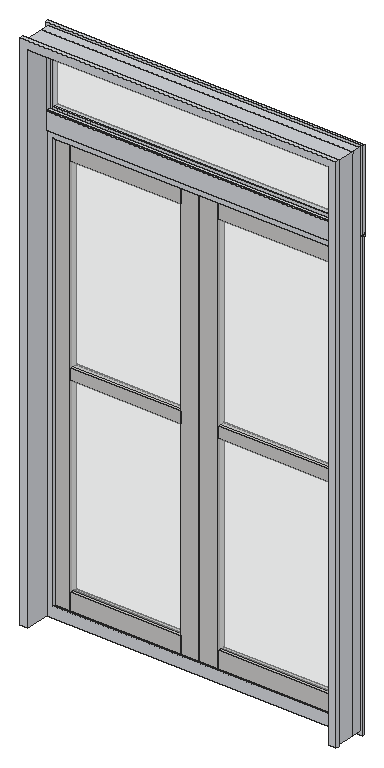
Revit family "APL Residential Thermal Heart French Door with Overlight Open Out", category Doors, host Wall, Revit 2017
Family settings
  Host = Wall
  OmniClass Number = 23.30.10.00
  OmniClass Title = Doors
  Always vertical = Yes
  Cut with Voids When Loaded = No
  Shared = No
  Room Calculation Point = No
Parameters (values of type "Architrave")
  Rough Width = 1615 mm
  Rough Height = 2713 mm
  Reveal Liner = no
  Plan Swing = yes
  Panel = (Rough Width / 2) - 47.5 mm  # 760 mm
  Overlight detail [instance] = 400 mm
  Overlight Length [instance] = 407.5 mm
  Liner Sill = no
  Liner Head = yes
  Liner End = 10 mm
  Liner = 51 mm
  Jamb Liner 2 = yes
  Jamb Liner 1 = yes
  Groove = 10 mm
  Function = Interior
  Frame Width Sill = 15 mm
  Frame Projection Ext. = 13 mm
  Frame Projection Int. = 20 mm
  Frame Width = 12.5 mm
  Height = Rough Height - 12.5 mm  # 2700.5 mm
  Wall Closure = By host
  Width = Rough Width - 15 mm  # 1600 mm
  Architrave = yes
  Analytic Construction = "<None>"
  90° Opening [instance] = no
  15° Opening [instance] = yes
Reference planes
  plane 1: y = 0
  plane 2 "Center (Left/Right)": x = 0
  plane 3 "Left": x = -807.5
  plane 4 "Right": x = 807.5
  plane 5: z = 2713
  plane 6 "Exterior": y = 75
  plane 7 "Interior": y = -75
  plane 8: z = 2305.5
  plane 9: z = 1152.75
Forms (mm)
  Extrusion 1, solid, visible <- "Architrave"
    sketch origin (-3050, -75, 0) x (1, 0, 0) y (0, 0, 1)
      loop
        line (2230, 0) -> (2242.5, 0) -> (2242.5, 2713) -> (3857.5, 2713) -> (3857.5, 0) -> (3870, 0) -> (3870, 2725.5) -> (2230, 2725.5) -> (2230, 0)
    from 0 to 20
  Extrusion 2, solid
    sketch origin (-6.857, 0, 0) x (1, 0, 0) y (0, 1, 0)
      loop
        line (-753.099, 63.12) -> (-664.309, 63.12) -> (-664.309, 79.268) -> (-678.502, 93.461) -> (-753.099, 93.461) -> (-753.099, 63.12)
    from 44.629 to 2243.757
  Extrusion 3, solid
    sketch origin (0, 0, 0) x (1, 0, 0) y (0, 1, 0)
      loop
        line (96, 77.961) -> (96, 53.752) -> (670.95, 53.752) -> (670.95, 77.961) -> (96, 77.961)
    from 1184.25 to 2146.733
  Extrusion 4, solid
    sketch origin (0, 0, -421.7) x (0, 1, 0) y (0, 0, 1)
      loop
        line (93.461, 2665.457) -> (63.461, 2665.457) -> (63.461, 2568.433) -> (78.451, 2568.433) -> (93.461, 2583.442) -> (93.461, 2665.457)
    from 81.663 to 685.063
  Extrusion 5, solid, visible <- "Architrave"
    sketch origin (0, -32.901, 0) x (1, 0, 0) y (0, 0, 1)
      loop
        line (807.5, 2713) -> (-807.5, 2713) -> (-807.5, 0) -> (-779.424, 0) -> (-779.424, 2685.2) -> (779.424, 2685.2) -> (779.424, 0) -> (807.5, 0) -> (807.5, 2713)
    from -62.788 to 62.099
  Sweep 6, solid, visible <- "Reveal Liner"
    path origin (0, -75, 0) x (1, 0, 0) y (0, 0, 1)
      loop
        line (-807.5, 0) -> (-807.5, 2713) -> (807.5, 2713) -> (807.5, 0)
    profile origin (-807.5, -75, 1356.5) x (-1, 0, 0) y (0, -1, 0)
      loop
        line (-9.076, 20) -> (-28.076, 20) -> (-28.076, -104.887) -> (0, -104.887) -> (0, 0.131) -> (-14.642, 0.131) -> (-14.642, 10) -> (-9.076, 10) -> (-9.076, 20)
  Extrusion 7, solid
    sketch origin (0, 75, 0) x (1, 0, 0) y (0, 0, 1)
      loop
        line (807.5, 2713) -> (-807.5, 2713) -> (-807.5, 0) -> (807.5, 0) -> (807.5, 2713)
      loop
        line (796.8, 2705.5) -> (-796.8, 2705.5) -> (-796.8, 7.8) -> (796.8, 7.8) -> (796.8, 2705.5)
    from 0 to 45.113
  Sweep 8, solid
    path origin (0, 75, 0) x (1, 0, 0) y (0, 0, 1)
      loop
        line (807.5, 2291.3) -> (-807.5, 2291.3) -> (-807.5, -2.914) -> (807.5, -2.914) -> (807.5, 2291.3)
    profile origin (-807.5, 75, 1144.193) x (0, -1, 0) y (1, 0, 0)
      loop
        line (0, -12.5) -> (0, 10.7) -> (45.113, 10.7) -> (45.113, 60.5) -> (33.539, 60.5) -> (33.539, 47.543) -> (-18.461, 47.543) -> (-18.461, 41.5) -> (-20.5, 41.5) -> (-20.5, 5.968) -> (-12.064, -1.111) -> (-12.064, -12.5) -> (0, -12.5)
  Extrusion 9, solid
    sketch origin (6.857, 0, 0) x (-1, 0, 0) y (0, -1, 0)
      loop
        line (-753.099, -63.461) -> (-753.099, -93.461) -> (-678.205, -93.461) -> (-664.007, -79.263) -> (-664.007, -63.461) -> (-753.099, -63.461)
    from 44.629 to 2243.757
  Extrusion 10, solid
    sketch origin (0, 0, 0) x (1, 0, 0) y (0, 1, 0)
      loop
        line (670.95, 63.461) -> (670.95, 41.461) -> (759.957, 41.461) -> (759.957, 63.461) -> (670.95, 63.461)
    from 44.629 to 2230.8
  Extrusion 11, solid
    sketch origin (0, 0, 0) x (-1, 0, 0) y (0, -1, 0)
      loop
        line (671.167, -63.12) -> (759.957, -63.12) -> (759.957, -41.461) -> (671.167, -41.461) -> (671.167, -63.12)
    from 44.629 to 2230.8
  Extrusion 12, solid
    sketch origin (0, 0, -434.657) x (0, 1, 0) y (0, 0, 1)
      loop
        line (63.461, 2665.457) -> (41.461, 2665.457) -> (41.461, 2581.389) -> (63.461, 2581.389) -> (63.461, 2665.457)
    from 96 to 670.95
  Extrusion 13, solid
    sketch origin (0, 0, -0.55) x (0, 1, 0) y (0, 0, 1)
      loop
        line (63.12, 142.203) -> (41.461, 142.203) -> (41.461, 45.179) -> (63.12, 45.179) -> (63.12, 142.203)
    from -671.167 to -96
  Extrusion 14, solid
    sketch origin (0, 0, 2312.086) x (0, 1, 0) y (0, 0, 1)
      loop
        line (93.461, -2267.457) -> (93.461, -2185.442) -> (78.451, -2170.433) -> (63.461, -2170.433) -> (63.461, -2267.457) -> (93.461, -2267.457)
    from 81.663 to 685.063
  Extrusion 15, solid
    sketch origin (759.407, 0, 0) x (1, 0, 0) y (0, 1, 0)
      loop
        line (-759.407, 63.461) -> (-663.407, 63.461) -> (-663.407, 79.123) -> (-677.745, 93.461) -> (-759.407, 93.461) -> (-759.407, 63.461)
    from 44.629 to 2243.757
  Extrusion 16, solid
    sketch origin (766.265, 0, 0) x (-1, 0, 0) y (0, -1, 0)
      loop
        line (670.265, -63.461) -> (766.265, -63.461) -> (766.265, -41.461) -> (670.265, -41.461) -> (670.265, -63.461)
    from 44.629 to 2230.8
  Extrusion 17, solid
    sketch origin (-759.407, 0, 0) x (-1, 0, 0) y (0, -1, 0)
      loop
        line (-759.407, -63.461) -> (-759.407, -93.461) -> (-677.745, -93.461) -> (-663.407, -79.123) -> (-663.407, -63.461) -> (-759.407, -63.461)
    from 44.629 to 2243.757
  Extrusion 18, solid
    sketch origin (-766.265, 0, 0) x (1, 0, 0) y (0, 1, 0)
      loop
        line (670.265, 63.461) -> (670.265, 41.461) -> (766.265, 41.461) -> (766.265, 63.461) -> (670.265, 63.461)
    from 44.629 to 2230.8
  Extrusion 19, solid
    sketch origin (0, 0, -421.7) x (0, 1, 0) y (0, 0, -1)
      loop
        line (93.461, -2665.457) -> (93.461, -2583.442) -> (78.451, -2568.433) -> (63.461, -2568.433) -> (63.461, -2665.457) -> (93.461, -2665.457)
    from 81.663 to 685.359
  Extrusion 20, solid
    sketch origin (0, 0, -434.657) x (0, 1, 0) y (0, 0, -1)
      loop
        line (63.461, -2665.457) -> (63.461, -2581.389) -> (41.461, -2581.389) -> (41.461, -2665.457) -> (63.461, -2665.457)
    from 96 to 671.167
  Extrusion 21, solid
    sketch origin (0, 0, 2312.086) x (0, 1, 0) y (0, 0, -1)
      loop
        line (93.461, 2267.457) -> (63.461, 2267.457) -> (63.461, 2170.433) -> (78.451, 2170.433) -> (93.461, 2185.442) -> (93.461, 2267.457)
    from 81.663 to 685.359
  Extrusion 22, solid
    sketch origin (0, 0, -0.55) x (0, 1, 0) y (0, 0, -1)
      loop
        line (63.12, -142.203) -> (63.12, -45.179) -> (41.461, -45.179) -> (41.461, -142.203) -> (63.12, -142.203)
    from -670.95 to -96
  Extrusion 23, solid
    sketch origin (0, 0, 0) x (-1, 0, 0) y (0, -1, 0)
      loop
        line (96, -77.961) -> (671.167, -77.961) -> (671.167, -53.752) -> (96, -53.752) -> (96, -77.961)
    from 1184.25 to 2146.733
  Sweep 24, solid
    path origin (0, 75, 2120) x (1, 0, 0) y (0, 0, 1)
      loop
        line (807.5, 593) -> (-808.611, 593) -> (-808.611, 199.6) -> (807.5, 199.6) -> (807.5, 593)
    profile origin (-0.555, 75, 2713) x (0, 0, -1) y (0, -1, 0)
      loop
        line (-12.4, 0) -> (-12.4, -12.509) -> (2.5, -12.509) -> (8.5, -18.509) -> (28.039, -18.509) -> (42.969, -3.58) -> (42.969, 27.491) -> (30.324, 27.491) -> (30.324, 45) -> (7.5, 45) -> (7.5, 0) -> (-12.4, 0)
  Extrusion 25, solid
    sketch origin (-807.5, 75, 2713) x (0, -1, 0) y (0, 0, -1)
      loop
        line (45.113, 363.076) -> (53.63, 363.076) -> (53.63, 451.002) -> (44.539, 451.002) -> (44.539, 432.4) -> (0, 432.4) -> (0, 385.9) -> (45.113, 385.9) -> (45.113, 363.076)
    from 28.076 to 1586.924
  Extrusion 26, solid
    sketch origin (-807.5, 75, 2713) x (0, -1, 0) y (0, 0, -1)
      loop
        line (-14.37, 415.7) -> (-14.37, 399.3)
        arc (-14.37, 399.3) -> (-13.57, 398.5) -> (-12.77, 399.3) r 0.8
        line (-12.77, 399.3) -> (-12.77, 405.801) -> (-0.021, 405.801) -> (-0.021, 409.2) -> (-12.77, 409.2) -> (-12.77, 415.7)
        arc (-12.77, 415.7) -> (-13.57, 416.5) -> (-14.37, 415.7) r 0.8
    from -12.5 to 1627.5
  Extrusion 27, solid
    sketch origin (2780, 0, 0) x (1, 0, 0) y (0, 1, 0)
      loop
        line (-3545.642, 77.961) -> (-3545.642, 53.752) -> (-2015.469, 53.752) -> (-2015.469, 77.961) -> (-3545.642, 77.961)
    from 2670.031 to 2362.569
  Extrusion 28, solid
    sketch origin (-807.5, 75, 2715.751) x (0, -1, 0) y (0, 0, -1)
      loop
        line (-4.163, 1531.501) -> (33.079, 1531.501) -> (33.079, 1589.501) -> (-4.163, 1589.501) -> (-4.163, 1531.501)
    from 903.5 to 1478.45
  Extrusion 29, solid
    sketch origin (-807.5, 75, 2715.751) x (0, -1, 0) y (0, 0, -1)
      loop
        line (-18.321, 1545.659) -> (-4.163, 1531.501) -> (-4.163, 1588.999) -> (-18.321, 1574.841) -> (-18.321, 1545.659)
    from 889.163 to 1492.563
  Extrusion 30, solid
    sketch origin (-807.5, 75, 2715.751) x (0, -1, 0) y (0, 0, -1)
      loop
        line (-4.163, 1531.501) -> (33.079, 1531.501) -> (33.079, 1589.501) -> (-4.163, 1589.501) -> (-4.163, 1531.501)
    from 136.333 to 711.5
  Extrusion 31, solid
    sketch origin (-807.5, 75, 2715.751) x (0, -1, 0) y (0, 0, -1)
      loop
        line (-18.321, 1545.659) -> (-4.163, 1531.501) -> (-4.163, 1588.999) -> (-18.321, 1574.841) -> (-18.321, 1545.659)
    from 122.141 to 725.837
  Extrusion 32, solid
    sketch origin (0, 0, 2305.5) x (0, -1, 0) y (1, 0, 0)
      loop
        line (-77.961, 96) -> (-53.752, 96) -> (-53.752, 670.95) -> (-77.961, 670.95) -> (-77.961, 96)
    from -2163.847 to -1179.25
  Extrusion 33, solid
    sketch origin (0, 0, 2305.5) x (0, 1, 0) y (-1, 0, 0)
      loop
        line (77.961, 96) -> (77.961, 671.167) -> (53.752, 671.167) -> (53.752, 96) -> (77.961, 96)
    from -2163.847 to -1179.25
Cuts and joins
  joined: Extrusion 1, Extrusion 5
  joined: Extrusion 7, Sweep 8
  joined: Extrusion 17, Extrusion 18
  joined: Extrusion 15, Extrusion 16
  joined: Extrusion 2, Extrusion 11
  joined: Extrusion 9, Extrusion 10
Lines and regions (mm)
  Opening 1
    outline origin (-3050, -75, 0) x (1, 0, 0) y (0, 0, 1)
      loop
        line (2242.5, 0) -> (3857.5, 0) -> (3857.5, 2713) -> (2242.5, 2713) -> (2242.5, 0)
  symbolic lines, style "Elevation Swing"
    curve 1: line (752.941, -75, 1152.75) -> (0, -75, 2305.5)
    curve 2: line (752.941, -75, 1152.75) -> (0, -75, 44.629)
    curve 7: line (-752.941, -75, 1150.25) -> (0, -75, 2305.5)
    curve 8: line (-752.941, -75, 1150.25) -> (0, -75, 44.629)
  symbolic lines, style "Plan Swing", visible <- "90° Opening"
    curve 3: line (759.957, 104.936, 0) -> (759.957, 864.979, 0)
    curve 4: line (-760, 93.461, 0) -> (-760, 853.461, 0)
    curve 5: arc (0, 93.461, 0) -> (-222.599, 630.862, 0) -> (-760, 853.461, 0) r 760
    curve 6: arc (0, 93.461, 0) -> (218.483, 638.295, 0) -> (759.957, 864.979, 0) r 760.043
  symbolic lines, style "Plan Swing", visible <- "15° Opening"
    curve 9: line (760, 93.461, 0) -> (25.895, 290.158, 0)
    curve 10: line (-760, 93.461, 0) -> (-25.895, 290.158, 0)
    curve 11: arc (0, 93.461, 0) -> (-6.502, 192.658, 0) -> (-25.895, 290.158, 0) r 760
    curve 12: arc (0, 93.461, 0) -> (6.502, 192.658, 0) -> (25.895, 290.158, 0) r 760
Text (mm)
  text "Exterior" at (-1790.881, 557.716, 0), in view "Ref. Level"
  text "Exterior" at (0, 1615.38, 3698.081), in view "Left"
  text "Exterior" at (0, 1036.032, 3874.932), in view "Right"
Dimensions and locks
  equal spacing: plane 3 "Left", plane 2 "Center (Left/Right)", plane 4 "Right"
  "Rough Width": plane 3 "Left" to plane 4 "Right"
  "Rough Height": plane 5 to host wall
  equal spacing: host wall, curve 2, plane 8
  host wall to plane 5 = 2713 mm
  "Frame Projection Int.": Extrusion 1 to Extrusion 1
  "Frame Width": plane 3 "Left" to Extrusion 1 sketch curve
  "Frame Width": plane 4 "Right" to Extrusion 1 sketch curve
  "Frame Width": Extrusion 1 sketch curve to plane 5
  locked: plane 6 "Exterior" to host wall at 0
  locked: plane 7 "Interior" to host wall
  locked: Extrusion 7 to plane 6 "Exterior" at 45.113
  Extrusion 4 to Extrusion 7 to Extrusion 7 = 558.767 mm, 7.5 mm
  Extrusion 4 to Extrusion 4 to Extrusion 4 to plane 8 = 15.009 mm locked, 82.014 mm locked, 61.743 mm locked
  locked: Extrusion 3 to plane 8 at 158.767
  Extrusion 14 to Extrusion 14 = 97.024 mm
  locked: cut or joined group of Extrusion 7, Sweep 8 to plane 6 "Exterior" at 45.113
  plane 3 "Left" to cut or joined group of Extrusion 7, Sweep 8 = 60.5 mm
  locked: plane 3 "Left" to Sweep 6 at 28.076
  Sweep 6 to plane 4 "Right" = 28.076 mm
  cut or joined group of Extrusion 7, Sweep 8 to plane 4 "Right" = 60.5 mm
  locked: plane 4 "Right" to Extrusion 4 at 122.437
  locked: plane 4 "Right" to Extrusion 14 at 122.437
  Extrusion 19 to Extrusion 19 = 97.024 mm
  plane 3 "Left" to Extrusion 21 = 122.141 mm
  locked: plane 8 to Extrusion 12 at 74.7
  locked: plane 8 to Extrusion 20 at 74.7
  locked: plane 3 "Left" to Extrusion 19 at 122.141
  locked: plane 3 "Left" to Extrusion 21 at 122.141
  locked: Extrusion 22 to plane 4 "Right" at 136.55
  locked: plane 3 "Left" to Extrusion 13 at 136.333
  locked: plane 8 to cut or joined group of Extrusion 2, Extrusion 11 at 74.7
  locked: plane 8 to cut or joined group of Extrusion 9, Extrusion 10 at 74.7
  locked: plane 3 "Left" to Extrusion 20 at 136.333
  Extrusion 29 to plane 9 to Extrusion 28 = 25.998 mm locked, 31.5 mm locked
  Extrusion 31 to plane 9 to Extrusion 30 = 25.998 mm locked, 31.5 mm locked
  Extrusion 30 to plane 9 to Extrusion 30 = 31.5 mm, 26.5 mm
  Extrusion 28 to plane 9 to Extrusion 28 = 31.5 mm, 26.5 mm
  "Overlight Length": plane 8 to plane 5
  locked: plane 8 to Extrusion 27 at 57.069
  locked: Extrusion 27 to plane 5 at 42.969
  locked: cut or joined group of Extrusion 9, Extrusion 10 to plane 8 at 61.743
  locked: cut or joined group of Extrusion 15, Extrusion 16 to plane 8 at 61.743
  locked: cut or joined group of Extrusion 17, Extrusion 18 to plane 8 at 61.743
  locked: Extrusion 23 to plane 8 at 158.767
  locked: cut or joined group of Extrusion 2, Extrusion 11 to plane 8 at 61.743
  equal spacing: level, plane 9, plane 8
  locked: plane 9 to Extrusion 23 at 31.5  (x2)
  locked: Extrusion 32 to plane 9 at 26.5
  locked: Extrusion 33 to plane 9 at 26.5
  locked: plane 8 to cut or joined group of Extrusion 17, Extrusion 18 at 74.7
  locked: plane 8 to cut or joined group of Extrusion 15, Extrusion 16 at 74.7
  locked: plane 9 to Extrusion 3 at 31.5
  locked: Extrusion 26 to plane 4 "Right" at 12.5
  locked: Extrusion 26 to plane 3 "Left" at 12.5
  locked: plane 3 "Left" to Extrusion 31 at 122.141
  locked: plane 4 "Right" to Extrusion 29 at 122.437
  locked: plane 4 "Right" to Extrusion 25 at 28.076
  locked: plane 3 "Left" to Extrusion 25 at 28.076
  locked: plane 3 "Left" to Extrusion 30 at 136.333
  locked: plane 4 "Right" to Extrusion 28 at 136.55
  locked: nested 2 to plane 5 at 7.5
  Extrusion 31 to plane 2 "Center (Left/Right)" to Extrusion 29 = 81.663 mm locked, 81.663 mm locked
  Extrusion 28 to plane 2 "Center (Left/Right)" to Extrusion 30 = 96 mm locked, 96 mm locked
  "Panel": radius of curve 11
  "Panel": radius of curve 12
  aligned and locked: plane 3 "Left" to Opening 1 sketch curve
  aligned and locked: plane 5 to Opening 1 sketch curve  (x2)
  aligned and locked: Opening 1 sketch curve to plane 4 "Right"
  aligned and locked: Opening 1 sketch curve to level
  aligned and locked: level to Extrusion 1 sketch curve
  aligned and locked: plane 5 to Extrusion 1 sketch curve  (x2)
  aligned and locked: Extrusion 1 sketch curve to plane 4 "Right"
  aligned and locked: plane 3 "Left" to Extrusion 1 sketch curve
  aligned and locked: plane 1 to host wall
  aligned and locked: Extrusion 1 to Extrusion 5
  aligned and locked: Extrusion 1 to level
  aligned and locked: plane 5 to Sweep 6 sketch curve
  aligned and locked: Sweep 6 sketch curve to plane 4 "Right"
  aligned and locked: Sweep 6 sketch curve to plane 3 "Left"
  aligned and locked: cut or joined group of Extrusion 1, Extrusion 5 to Sweep 6 sketch curve
  aligned and locked: Sweep 6 sketch curve to cut or joined group of Extrusion 1, Extrusion 5
  aligned and locked: Sweep 6 sketch curve to profile plane
  aligned and locked: Extrusion 7 to host wall
  aligned and locked: Sweep 6 sketch curve to Extrusion 7
  aligned and locked: Extrusion 5 to cut or joined group of Extrusion 7, Sweep 8
  aligned and locked: Extrusion 23 to Extrusion 13
  aligned and locked: Extrusion 22 to Extrusion 3
  aligned and locked: Extrusion 12 to Extrusion 3
  aligned and locked: Extrusion 3 to Extrusion 12
  aligned and locked: Extrusion 11 to Extrusion 2
Automatic sketch dimensions
  curve 1 to plane 2 "Center (Left/Right)" = 0 mm
  curve 1 to plane 8 = 0 mm
  curve 2 to plane 2 "Center (Left/Right)" = 0 mm
  plane 4 "Right" to curve 2 = 54.559 mm
  level to curve 2 = 44.629 mm
  Extrusion 2 sketch curve to host wall = 11.88 mm
  Extrusion 2 sketch curve to plane 3 "Left" = 47.543 mm
  host wall to Extrusion 2 sketch curve = 18.461 mm
  Extrusion 2 sketch curve to Extrusion 2 sketch curve = 74.597 mm
  host wall to Extrusion 2 sketch curve = 4.268 mm
  Extrusion 2 sketch curve to Extrusion 2 sketch curve = 14.193 mm
  Extrusion 3 sketch curve to host wall = 21.248 mm
  plane 2 "Center (Left/Right)" to Extrusion 3 sketch curve = 96 mm
  plane 4 "Right" to Extrusion 3 sketch curve = 136.55 mm
  host wall to Extrusion 3 sketch curve = 2.961 mm
  Extrusion 4 sketch curve to host wall = 11.539 mm
  host wall to Extrusion 4 sketch curve = 3.451 mm
  host wall to Extrusion 4 sketch curve = 18.461 mm
  Extrusion 4 sketch curve to plane 8 = 158.767 mm
  Extrusion 4 sketch curve to Extrusion 4 sketch curve = 15.009 mm
  Extrusion 4 sketch curve to plane 8 = 61.743 mm
  plane 3 "Left" to Extrusion 5 sketch curve = 0 mm
  Extrusion 5 sketch curve to level = 0 mm  (x2)
  plane 4 "Right" to Extrusion 5 sketch curve = 0 mm
  Extrusion 5 sketch curve to plane 5 = 0 mm
  Extrusion 5 sketch curve to plane 3 "Left" = 28.076 mm
  plane 4 "Right" to Extrusion 5 sketch curve = 28.076 mm
  plane 5 to Extrusion 5 sketch curve = 27.8 mm
  Sweep 6 sketch curve to level = 0 mm  (x2)
  profile plane to Sweep 6 sketch curve = 14.642 mm
  Sweep 6 sketch curve to Sweep 6 sketch curve = 5.565 mm
  plane 7 "Interior" to Sweep 6 sketch curve = 0.131 mm
  Sweep 6 sketch curve to Sweep 6 sketch curve = 10 mm
  plane 3 "Left" to Extrusion 7 sketch curve = 0 mm
  plane 4 "Right" to Extrusion 7 sketch curve = 0 mm
  Extrusion 7 sketch curve to level = 0 mm
  Extrusion 7 sketch curve to plane 5 = 0 mm
  Extrusion 7 sketch curve to plane 3 "Left" = 10.7 mm
  plane 4 "Right" to Extrusion 7 sketch curve = 10.7 mm
  level to Extrusion 7 sketch curve = 7.8 mm
  plane 5 to Extrusion 7 sketch curve = 7.5 mm
  plane 3 "Left" to Sweep 8 sketch curve = 0 mm
  plane 4 "Right" to Sweep 8 sketch curve = 0 mm
  Sweep 8 sketch curve to level = 2.914 mm
  Sweep 8 sketch curve to plane 8 = 14.2 mm
  plane 6 "Exterior" to Sweep 8 sketch curve = 0 mm
  profile plane to Sweep 8 sketch curve = 1.111 mm
  Sweep 8 sketch curve to plane 6 "Exterior" = 12.064 mm
  Sweep 8 sketch curve to plane 6 "Exterior" = 18.461 mm
  Sweep 8 sketch curve to Sweep 8 sketch curve = 2.039 mm
  plane 6 "Exterior" to Sweep 8 sketch curve = 33.539 mm
  Sweep 8 sketch curve to profile plane = 10.7 mm
  Sweep 8 sketch curve to Sweep 8 sketch curve = 11.574 mm
  profile plane to Sweep 8 sketch curve = 12.5 mm
  Sweep 8 sketch curve to profile plane = 5.968 mm
  Sweep 8 sketch curve to Sweep 8 sketch curve = 35.532 mm
  Sweep 8 sketch curve to Sweep 8 sketch curve = 6.043 mm
  Sweep 8 sketch curve to Sweep 8 sketch curve = 12.957 mm
  host wall to Extrusion 9 sketch curve = 11.539 mm
  Extrusion 9 sketch curve to plane 4 "Right" = 47.543 mm
  Extrusion 9 sketch curve to host wall = 18.461 mm
  Extrusion 9 sketch curve to Extrusion 9 sketch curve = 74.894 mm
  Extrusion 9 sketch curve to host wall = 4.263 mm
  Extrusion 9 sketch curve to Extrusion 9 sketch curve = 14.198 mm
  Extrusion 10 sketch curve to host wall = 33.539 mm
  plane 4 "Right" to Extrusion 10 sketch curve = 136.55 mm
  plane 4 "Right" to Extrusion 10 sketch curve = 47.543 mm
  Extrusion 10 sketch curve to host wall = 11.539 mm
  host wall to Extrusion 11 sketch curve = 11.88 mm
  plane 3 "Left" to Extrusion 11 sketch curve = 136.333 mm
  plane 3 "Left" to Extrusion 11 sketch curve = 47.543 mm
  Extrusion 11 sketch curve to Extrusion 11 sketch curve = 21.66 mm
  Extrusion 12 sketch curve to host wall = 33.539 mm
  Extrusion 12 sketch curve to host wall = 11.539 mm
  Extrusion 12 sketch curve to plane 8 = 158.767 mm
  Extrusion 12 sketch curve to plane 8 = 74.7 mm
  Extrusion 13 sketch curve to host wall = 33.539 mm
  Extrusion 13 sketch curve to host wall = 11.88 mm
  level to Extrusion 13 sketch curve = 44.629 mm
  Extrusion 13 sketch curve to Extrusion 13 sketch curve = 97.024 mm
  host wall to Extrusion 14 sketch curve = 11.539 mm
  Extrusion 14 sketch curve to host wall = 3.451 mm
  Extrusion 14 sketch curve to host wall = 18.461 mm
  Extrusion 14 sketch curve to level = 141.653 mm
  Extrusion 14 sketch curve to Extrusion 14 sketch curve = 15.009 mm
  Extrusion 14 sketch curve to level = 44.629 mm
  Extrusion 15 sketch curve to plane 2 "Center (Left/Right)" = 0 mm
  host wall to Extrusion 15 sketch curve = 18.461 mm
  Extrusion 15 sketch curve to Extrusion 15 sketch curve = 81.663 mm
  host wall to Extrusion 15 sketch curve = 4.123 mm
  Extrusion 15 sketch curve to Extrusion 15 sketch curve = 14.337 mm
  Extrusion 15 sketch curve to host wall = 11.539 mm
  Extrusion 16 sketch curve to plane 2 "Center (Left/Right)" = 0 mm
  host wall to Extrusion 16 sketch curve = 11.539 mm
  Extrusion 16 sketch curve to Extrusion 16 sketch curve = 96 mm
  Extrusion 16 sketch curve to Extrusion 16 sketch curve = 22 mm
  Extrusion 17 sketch curve to plane 2 "Center (Left/Right)" = 0 mm
  Extrusion 17 sketch curve to host wall = 18.461 mm
  plane 2 "Center (Left/Right)" to Extrusion 17 sketch curve = 81.663 mm
  Extrusion 17 sketch curve to host wall = 4.123 mm
  Extrusion 17 sketch curve to Extrusion 17 sketch curve = 14.337 mm
  host wall to Extrusion 17 sketch curve = 11.539 mm
  Extrusion 18 sketch curve to plane 2 "Center (Left/Right)" = 0 mm
  Extrusion 18 sketch curve to host wall = 11.539 mm
  Extrusion 18 sketch curve to plane 2 "Center (Left/Right)" = 96 mm
  Extrusion 18 sketch curve to Extrusion 18 sketch curve = 22 mm
  curve 8 to plane 2 "Center (Left/Right)" = 0 mm
  curve 7 to plane 2 "Center (Left/Right)" = 0 mm
  curve 7 to plane 8 = 0 mm
  curve 7 to plane 9 = 2.5 mm
  curve 7 to plane 3 "Left" = 54.559 mm
  level to curve 8 = 44.629 mm
  Extrusion 19 sketch curve to host wall = 11.539 mm
  host wall to Extrusion 19 sketch curve = 3.451 mm
  host wall to Extrusion 19 sketch curve = 18.461 mm
  Extrusion 19 sketch curve to plane 8 = 61.743 mm
  Extrusion 19 sketch curve to Extrusion 19 sketch curve = 82.014 mm
  Extrusion 19 sketch curve to Extrusion 19 sketch curve = 15.009 mm
  Extrusion 20 sketch curve to host wall = 33.539 mm
  Extrusion 20 sketch curve to host wall = 11.539 mm
  Extrusion 20 sketch curve to plane 8 = 74.7 mm
  Extrusion 20 sketch curve to Extrusion 20 sketch curve = 84.067 mm
  Extrusion 21 sketch curve to host wall = 11.539 mm
  host wall to Extrusion 21 sketch curve = 3.451 mm
  host wall to Extrusion 21 sketch curve = 18.461 mm
  level to Extrusion 21 sketch curve = 141.653 mm
  Extrusion 21 sketch curve to Extrusion 21 sketch curve = 15.009 mm
  level to Extrusion 21 sketch curve = 44.629 mm
  Extrusion 22 sketch curve to host wall = 33.539 mm
  Extrusion 22 sketch curve to host wall = 11.88 mm
  level to Extrusion 22 sketch curve = 141.653 mm
  level to Extrusion 22 sketch curve = 44.629 mm
  host wall to Extrusion 23 sketch curve = 21.248 mm
  plane 2 "Center (Left/Right)" to Extrusion 23 sketch curve = 96 mm
  plane 3 "Left" to Extrusion 23 sketch curve = 136.333 mm
  Extrusion 23 sketch curve to host wall = 2.961 mm
  Sweep 24 sketch curve to plane 5 = 0 mm
  plane 4 "Right" to Sweep 24 sketch curve = 0 mm
  plane 3 "Left" to Sweep 24 sketch curve = 1.111 mm
  plane 8 to Sweep 24 sketch curve = 14.1 mm
  Sweep 24 sketch curve to plane 6 "Exterior" = 0 mm
  profile plane to Sweep 24 sketch curve = 12.4 mm
  Sweep 24 sketch curve to profile plane = 2.5 mm
  Sweep 24 sketch curve to profile plane = 7.5 mm
  Sweep 24 sketch curve to Sweep 24 sketch curve = 6 mm  (x2)
  Sweep 24 sketch curve to Sweep 24 sketch curve = 19.539 mm
  Sweep 24 sketch curve to Sweep 24 sketch curve = 22.824 mm
  Sweep 24 sketch curve to Sweep 24 sketch curve = 12.644 mm
  Sweep 24 sketch curve to plane 6 "Exterior" = 3.58 mm
  Sweep 24 sketch curve to plane 6 "Exterior" = 12.509 mm
  plane 6 "Exterior" to Sweep 24 sketch curve = 27.491 mm
  Sweep 24 sketch curve to Sweep 24 sketch curve = 17.509 mm
  Extrusion 27 sketch curve to plane 3 "Left" = 41.858 mm
  Extrusion 27 sketch curve to host wall = 21.248 mm
  plane 4 "Right" to Extrusion 27 sketch curve = 42.969 mm
  host wall to Extrusion 27 sketch curve = 2.961 mm
  host wall to Extrusion 32 sketch curve = 2.961 mm
  Extrusion 32 sketch curve to host wall = 21.248 mm
  plane 2 "Center (Left/Right)" to Extrusion 32 sketch curve = 96 mm
  plane 4 "Right" to Extrusion 32 sketch curve = 136.55 mm
  Extrusion 33 sketch curve to host wall = 21.248 mm
  host wall to Extrusion 33 sketch curve = 2.961 mm
  Extrusion 33 sketch curve to plane 2 "Center (Left/Right)" = 96 mm
  Extrusion 33 sketch curve to plane 3 "Left" = 136.333 mm
  host wall to Extrusion 28 sketch curve = 4.163 mm
  Extrusion 28 sketch curve to host wall = 33.079 mm
  plane 9 to Extrusion 28 sketch curve = 31.5 mm
  Extrusion 28 sketch curve to plane 9 = 26.5 mm
  host wall to Extrusion 29 sketch curve = 18.321 mm
  host wall to Extrusion 29 sketch curve = 4.163 mm
  plane 9 to Extrusion 29 sketch curve = 31.5 mm
  plane 9 to Extrusion 29 sketch curve = 17.341 mm
  Extrusion 29 sketch curve to plane 9 = 11.84 mm
  Extrusion 29 sketch curve to Extrusion 29 sketch curve = 14.159 mm
  host wall to Extrusion 30 sketch curve = 4.163 mm
  Extrusion 30 sketch curve to host wall = 33.079 mm
  plane 9 to Extrusion 30 sketch curve = 31.5 mm
  Extrusion 30 sketch curve to plane 9 = 26.5 mm
  host wall to Extrusion 31 sketch curve = 18.321 mm
  host wall to Extrusion 31 sketch curve = 4.163 mm
  plane 9 to Extrusion 31 sketch curve = 31.5 mm
  plane 9 to Extrusion 31 sketch curve = 17.341 mm
  Extrusion 31 sketch curve to plane 9 = 11.84 mm
  Extrusion 31 sketch curve to Extrusion 31 sketch curve = 14.159 mm
  host wall to Extrusion 25 sketch curve = 0 mm
  Extrusion 25 sketch curve to host wall = 45.113 mm
  Extrusion 25 sketch curve to host wall = 44.539 mm
  Extrusion 25 sketch curve to Extrusion 25 sketch curve = 8.517 mm
  plane 8 to Extrusion 25 sketch curve = 44.424 mm
  plane 8 to Extrusion 25 sketch curve = 21.6 mm
  Extrusion 25 sketch curve to plane 8 = 24.9 mm
  Extrusion 25 sketch curve to Extrusion 25 sketch curve = 18.602 mm
  host wall to Extrusion 26 sketch curve = 14.37 mm
  Extrusion 26 sketch curve to Extrusion 26 sketch curve = 0.8 mm  (x2)
  host wall to Extrusion 26 sketch curve = 0.021 mm
  plane 8 to Extrusion 26 sketch curve = 8.2 mm
  plane 8 to Extrusion 26 sketch curve = 1.699 mm
  Extrusion 26 sketch curve to plane 8 = 1.7 mm
  Extrusion 26 sketch curve to Extrusion 26 sketch curve = 6.5 mm
  Extrusion 1 sketch curve to level = 0 mm
  curve 5 to curve 11 = 0 mm
  curve 11 to plane 2 "Center (Left/Right)" = 0 mm
  curve 12 to plane 2 "Center (Left/Right)" = 0 mm
  curve 10 to plane 2 "Center (Left/Right)" = 25.895 mm
  plane 2 "Center (Left/Right)" to curve 9 = 25.895 mm
  curve 6 to curve 12 = 0.043 mm
  host wall to curve 4 = 18.461 mm
  host wall to curve 12 = 18.461 mm
  curve 12 to curve 6 = 11.475 mm
  host wall to curve 9 = 18.461 mm
  curve 9 to curve 12 = 0 mm
  curve 3 to curve 6 = 0 mm
Nested families
  nested 1: "APL Residential Thermal Heart French Door with Overlight Open Out Horizontal Section" at (-408.062, 94.873, 38.586) x (-1, 0, 0) z (0, 0, 1), Box Width <- "Width", Liner <- "Liner", Groove <- "Groove", Liner End <- "Liner End", type ""
    with Liner End 10 mm, Liner 51 mm, Groove 10 mm, Glass Length 1 600 mm, Box Width 1600 mm
  nested 2: "APL Residential Thermal Heart French Door with Overlight Open Out Vertical Section" at (-821.011, -268.736, 120.474) x (0, -1, 0) z (1, 0, 0), Box Height <- "Height", Overlight <- "Overlight detail", type ""
    with Overligth Glass 334 mm, Overlight 400 mm, Liner End 10 mm, Liner 100 mm, Groove 10 mm, Glass Length 982.25 mm, Box Height 2700.5 mm
Definition of nested family "APL Residential Thermal Heart French Door with Overlight Open Out Horizontal Section"
  Parameters (values of type "Groove")
    Liner End [instance] = 10 mm
    Liner Block = Liner : Liner
    Liner [instance] = 100 mm
    Jamb Liner 2 = yes
    Jamb Liner 1 = yes
    Groove [instance] = 10 mm
    Glass Length 1 [instance] = (Box Width / 2) - 200 mm  # 200 mm
    Box Width [instance] = 800 mm
  Types (2, lengths in mm): name | Liner Block
    Groove | Liner : Liner
    No Groove | Liner No Groove : Liner No Groove
  Reference planes
    plane 1 "Center (Front/Back)": y = 14.873
    plane 2: z = 0
    plane 3 "Center (Left/Right)": x = -408.062
    plane 4: x = -808.062
    plane 5: x = -8.062
    plane 6: y = 61.573
    plane 7: y = 60.873
    plane 8: x = -0.562
    plane 9: y = 19.873
  Dimensions and locks
    "Liner": plane 7 to nested 1
    "Liner": nested 2 to plane 6
    locked: plane 5 to plane 8 at 7.5
    locked: plane 4 to nested 4 at 116.675
    equal spacing: plane 4, plane 3 "Center (Left/Right)", plane 5
    "Box Width": plane 4 to plane 5
    locked: nested 5 to plane 5 at 116.378
    locked: nested 3 to nested 4 at 6.328
    plane 9 to plane 1 "Center (Front/Back)" = 5 mm
    locked: nested 1 to nested 3 at 32.3
    locked: nested 7 to nested 8 at 6.4
    locked: nested 5 to nested 6 at 6.031
    locked: nested 9 to nested 7 at 6.4
    nested 9 to plane 3 "Center (Left/Right)" to nested 8 = 83.4 mm locked, 83.4 mm locked
    nested 7 to plane 3 "Center (Left/Right)" to nested 7 = 96 mm locked, 96 mm locked
    locked: nested 6 to nested 2 at 32.988
    aligned and locked: plane 6 to nested 2
  Nested families
    nested 1: "Liner" at (-787.064, 60.873, 0) x (0, 1, 0) z (0, 0, 1), a setting <- "Liner Block", End Liner <- "Liner End", Groove <- "Groove", visible <- "Jamb Liner 2", type "", in view "Ref. Level"
      with built-in parameter 1001306 0.32808 (stored number, unit not read)
    nested 2: "Liner" at (-28.37, 61.573, 0) x (0, 1, 0) z (0, 0, 1), visible <- "Jamb Liner 2", a setting <- "Liner Block", type "", in view "Ref. Level"
      with built-in parameter 1001306 0.32808 (stored number, unit not read)
    nested 3: "Open Out Jamb&Hinge" at (-807.065, 14.173, 0), type "Jamb with Hinge", in view "Ref. Level"
    nested 4: "Glazing Bead" at (-691.387, 16.913, 0) x (0, 1, 0) z (0, 0, 1), Glass Lenght <- "Glass Length 1", type "", in view "Ref. Level"
      with Glass Lenght 200 mm
    nested 5: "Glazing Bead" at (-124.439, 16.913, 0) x (0, 1, 0) z (0, 0, 1), Glass Lenght <- "Glass Length 1", type "", in view "Ref. Level"
      with Glass Lenght 200 mm
    nested 6: "Open Out Jamb&Hinge" at (-9.058, 14.173, 0) x (-1, 0, 0) z (0, 0, 1), type "", in view "Ref. Level"
    nested 7: "Keeper&Lock Stile" at (-408.062, 1.413, 0), type "Keeper&Lock Stile", in view "Ref. Level"
    nested 8: "Glazing Bead" at (-324.662, 16.913, 0) x (0, 1, 0) z (0, 0, 1), Glass Lenght <- "Glass Length 1", type "", in view "Ref. Level"
      with Glass Lenght 200 mm
    nested 9: "Glazing Bead" at (-491.462, 16.913, 0) x (0, 1, 0) z (0, 0, 1), Glass Lenght <- "Glass Length 1", type "", in view "Ref. Level"
      with Glass Lenght 200 mm
  Definition of nested family "Liner"
    Parameters (values of type "Liner")
      Type Image = (empty or 0)
      system length 1 [instance] = 100 mm
      Groove [instance] = 10 mm
      End Liner [instance] = 10 mm
    Reference planes
      plane 1 "Center (Front/Back)": y = 0
      plane 2: z = 0
      plane 3 "Left": x = 0
      plane 4 "Right": x = 100
    Lines and regions (mm)
      Filled region 1, type "Brick", in view "Ref. Level"
        outline origin (0, 0, 0) x (1, 0, 0) y (0, 1, 0)
          loop
            line (0, 0) -> (120, 0) -> (120, 19) -> (110, 19) -> (110, 13.435) -> (100, 13.435) -> (100, 19) -> (0, 19) -> (0, 0)
      reference lines, in view "Ref. Level"
        curve 1: line (0, 0, 0) -> (100, 0, 0)
      detail lines, in view "Ref. Level", detail levels fine
        curve 2: line (100, 0, 0) -> (0, 0, 0)
    Dimensions and locks
      "system length 1": plane 3 "Left" to plane 4 "Right"
      locked: Filled region 1 to curve 2 at 19
      "Groove": plane 4 "Right" to Filled region 1
      "End Liner": Filled region 1 to Filled region 1
      aligned and locked: plane 1 "Center (Front/Back)" to curve 1
      aligned and locked: plane 3 "Left" to curve 1
      aligned and locked: plane 4 "Right" to curve 1
      aligned and locked: curve 1 to Filled region 1
      aligned and locked: plane 1 "Center (Front/Back)" to Filled region 1
      aligned and locked: Filled region 1 to plane 3 "Left"
    Automatic sketch dimensions
      curve 2 to plane 4 "Right" = 0 mm
      Filled region 1 sketch curve to plane 3 "Left" = 0 mm
      Filled region 1 sketch curve to plane 4 "Right" = 0 mm
      Filled region 1 sketch curve to Filled region 1 sketch curve = 10 mm  (x2)
      Filled region 1 sketch curve to plane 1 "Center (Front/Back)" = 0 mm
      Filled region 1 sketch curve to plane 1 "Center (Front/Back)" = 13.435 mm
      Filled region 1 sketch curve to Filled region 1 sketch curve = 5.565 mm  (x2)
      curve 2 to plane 3 "Left" = 0 mm
  Definition of nested family "Open Out Jamb&Hinge"
    Reference planes
      plane 1 "Center (Front/Back)": y = 0
      plane 2: z = 0
      plane 3 "Center (Left/Right)": x = 0
    Lines and regions (mm)
      detail lines, in view "Ref. Level"
        curve 1: arc (27.921, 135.423, 0) -> (27.611, 135.563, 0) -> (27.449, 135.264, 0) r 0.25
        curve 2: arc (27.475, 125.376, 0) -> (27.637, 125.077, 0) -> (27.948, 125.217, 0) r 0.25
        curve 3: line (27.449, 135.264, 0) -> (28.443, 131.396, 0)
        curve 4: line (28.443, 131.396, 0) -> (27.439, 130.817, 0)
        curve 5: line (27.439, 130.817, 0) -> (27.439, 129.817, 0)
        curve 6: line (27.439, 129.817, 0) -> (28.465, 129.225, 0)
        curve 7: line (28.465, 129.225, 0) -> (27.475, 125.376, 0)
        curve 8: line (27.948, 125.217, 0) -> (29.672, 129.317, 0)
        curve 9: line (29.672, 129.317, 0) -> (30.939, 129.317, 0)
        curve 10: line (30.939, 129.317, 0) -> (30.939, 128.067, 0)
        curve 11: line (30.939, 128.067, 0) -> (31.939, 128.067, 0)
        curve 12: line (31.939, 128.067, 0) -> (31.939, 132.567, 0)
        curve 13: line (31.939, 132.567, 0) -> (30.939, 132.567, 0)
        curve 14: line (30.939, 132.567, 0) -> (30.939, 131.317, 0)
        curve 15: line (30.939, 131.317, 0) -> (29.647, 131.317, 0)
        curve 16: line (29.647, 131.317, 0) -> (27.921, 135.423, 0)
        curve 17: arc (43.239, 46.459, 0) -> (43.098, 46.401, 0) -> (43.039, 46.259, 0) r 0.2
        curve 18: arc (43.039, 43.539, 0) -> (42.981, 43.398, 0) -> (42.839, 43.339, 0) r 0.2
        curve 19: arc (41.739, 43.339, 0) -> (41.032, 43.632, 0) -> (40.739, 44.339, 0) r 1
        curve 20: arc (40.304, 42.421, 0) -> (39.422, 41.539, 0) -> (38.539, 42.421, 0) r 0.882
        curve 21: arc (38.539, 44.651, 0) -> (38.545, 44.752, 0) -> (38.56, 44.852, 0) r 1
        curve 22: arc (39.401, 48.942, 0) -> (39.95, 49.665, 0) -> (40.814, 49.939, 0) r 1.5
        curve 23: arc (42.039, 49.939, 0) -> (42.747, 49.646, 0) -> (43.039, 48.939, 0) r 1
        curve 24: arc (47.988, 48.439, 0) -> (48.168, 48.327, 0) -> (48.146, 48.116, 0) r 0.2
        curve 25: arc (46.796, 45.416, 0) -> (46.657, 45.31, 0) -> (46.487, 45.354, 0) r 0.2
        curve 26: line (43.039, 46.259, 0) -> (43.039, 43.539, 0)
        curve 27: line (42.839, 43.339, 0) -> (42.439, 43.339, 0)
        curve 28: line (42.439, 43.339, 0) -> (41.739, 43.339, 0)
        curve 29: line (40.739, 44.339, 0) -> (40.739, 47.344, 0)
        curve 30: line (40.739, 47.344, 0) -> (40.312, 44.702, 0)
        curve 31: line (40.312, 44.702, 0) -> (40.304, 42.421, 0)
        curve 32: line (38.539, 42.421, 0) -> (38.539, 44.651, 0)
        curve 33: line (38.56, 44.852, 0) -> (39.401, 48.942, 0)
        curve 34: line (40.944, 49.939, 0) -> (42.039, 49.939, 0)
        curve 35: line (43.039, 48.939, 0) -> (43.039, 48.439, 0)
        curve 36: line (43.039, 48.439, 0) -> (47.988, 48.439, 0)
        curve 37: line (48.146, 48.116, 0) -> (46.796, 45.416, 0)
        curve 38: line (46.487, 45.354, 0) -> (45.203, 46.459, 0)
        curve 39: arc (45.203, 46.459, 0) -> (44.221, 46.592, 0) -> (43.239, 46.459, 0) r 3.701
        curve 40: arc (48.146, 48.116, 0) -> (48.168, 48.327, 0) -> (47.988, 48.439, 0) r 0.2
        curve 41: arc (129.706, 28.021, 0) -> (129.846, 27.711, 0) -> (129.547, 27.548, 0) r 0.25
        curve 42: arc (119.659, 27.575, 0) -> (119.36, 27.737, 0) -> (119.5, 28.047, 0) r 0.25
        curve 43: line (129.547, 27.548, 0) -> (125.68, 28.542, 0)
        curve 44: line (125.68, 28.542, 0) -> (125.1, 27.539, 0)
        curve 45: line (125.1, 27.539, 0) -> (124.1, 27.539, 0)
        curve 46: line (124.1, 27.539, 0) -> (123.508, 28.564, 0)
        curve 47: line (123.508, 28.564, 0) -> (119.659, 27.575, 0)
        curve 48: line (119.5, 28.047, 0) -> (123.6, 29.771, 0)
        curve 49: line (123.6, 29.771, 0) -> (123.6, 31.039, 0)
        curve 50: line (123.6, 31.039, 0) -> (122.35, 31.039, 0)
        curve 51: line (122.35, 31.039, 0) -> (122.35, 32.039, 0)
        curve 52: line (122.35, 32.039, 0) -> (126.85, 32.039, 0)
        curve 53: line (126.85, 32.039, 0) -> (126.85, 31.039, 0)
        curve 54: line (126.85, 31.039, 0) -> (125.6, 31.039, 0)
        curve 55: line (125.6, 31.039, 0) -> (125.6, 29.747, 0)
        curve 56: line (125.6, 29.747, 0) -> (129.706, 28.021, 0)
        curve 57: arc (48.76, 43.939, 0) -> (48.701, 43.798, 0) -> (48.56, 43.739, 0) r 0.2
        curve 58: arc (45.839, 43.739, 0) -> (45.698, 43.681, 0) -> (45.639, 43.539, 0) r 0.2
        curve 59: arc (45.639, 42.439, 0) -> (45.932, 41.732, 0) -> (46.639, 41.439, 0) r 1
        curve 60: arc (44.722, 41.004, 0) -> (43.839, 40.122, 0) -> (44.722, 39.239, 0) r 0.882
        curve 61: arc (46.951, 39.239, 0) -> (47.052, 39.244, 0) -> (47.153, 39.26, 0) r 1
        curve 62: arc (51.243, 40.101, 0) -> (51.965, 40.649, 0) -> (52.239, 41.514, 0) r 1.5
        curve 63: arc (52.239, 42.739, 0) -> (51.947, 43.446, 0) -> (51.239, 43.739, 0) r 1
        curve 64: arc (50.739, 48.688, 0) -> (50.627, 48.868, 0) -> (50.417, 48.846, 0) r 0.2
        curve 65: arc (47.717, 47.496, 0) -> (47.61, 47.357, 0) -> (47.655, 47.187, 0) r 0.2
        curve 66: line (48.56, 43.739, 0) -> (45.839, 43.739, 0)
        curve 67: line (45.639, 43.539, 0) -> (45.639, 43.139, 0)
        curve 68: line (45.639, 43.139, 0) -> (45.639, 42.439, 0)
        curve 69: line (46.639, 41.439, 0) -> (49.644, 41.439, 0)
        curve 70: line (49.644, 41.439, 0) -> (47.003, 41.012, 0)
        curve 71: line (47.003, 41.012, 0) -> (44.722, 41.004, 0)
        curve 72: line (44.722, 39.239, 0) -> (46.951, 39.239, 0)
        curve 73: line (47.153, 39.26, 0) -> (51.243, 40.101, 0)
        curve 74: line (52.239, 41.644, 0) -> (52.239, 42.739, 0)
        curve 75: line (51.239, 43.739, 0) -> (50.739, 43.739, 0)
        curve 76: line (50.739, 43.739, 0) -> (50.739, 48.688, 0)
        curve 77: line (50.417, 48.846, 0) -> (47.717, 47.496, 0)
        curve 78: line (47.655, 47.187, 0) -> (48.76, 45.903, 0)
        curve 79: arc (48.76, 45.903, 0) -> (48.892, 44.921, 0) -> (48.76, 43.939, 0) r 3.701
        curve 80: arc (50.417, 48.846, 0) -> (50.627, 48.868, 0) -> (50.739, 48.688, 0) r 0.2
    Nested families
      nested 1: "65310_Open Out Frame" at (-0.7, 0.7, 0) x (0, 1, 0) z (0, 0, 1), type "", in view "Ref. Level"
      nested 2: "65210_Lock Stile" at (39.35, -12.761, 0) x (0, 1, 0) z (0, 0, 1), type "", in view "Ref. Level"
    Definition of nested family "65310_Open Out Frame"
      Reference planes
        plane 1 "Center (Front/Back)": y = 0
        plane 2: z = 0
        plane 3 "Center (Left/Right)": x = 0
      Lines and regions (mm)
        model lines, in view "Ref. Level"
          curve 1: arc (25.4, 8.561, 0) -> (25.517, 8.844, 0) -> (25.8, 8.961, 0) r 0.4
          curve 2: arc (26.093, 8.961, 0) -> (26.196, 8.947, 0) -> (26.293, 8.907, 0) r 0.4
          curve 3: arc (27.821, 8.022, 0) -> (28.111, 7.902, 0) -> (28.422, 7.861, 0) r 1.2
          curve 4: arc (29.345, 7.861, 0) -> (29.918, 7.68, 0) -> (30.284, 7.203, 0) r 1
          curve 5: arc (31.077, 5.024, 0) -> (31.224, 4.833, 0) -> (31.453, 4.761, 0) r 0.4
          curve 6: arc (37.947, 4.761, 0) -> (38.176, 4.833, 0) -> (38.323, 5.024, 0) r 0.4
          curve 7: arc (39.116, 7.203, 0) -> (39.482, 7.68, 0) -> (40.055, 7.861, 0) r 1
          curve 8: arc (40.978, 7.861, 0) -> (41.289, 7.902, 0) -> (41.579, 8.022, 0) r 1.2
          curve 9: arc (43.107, 8.907, 0) -> (43.204, 8.947, 0) -> (43.307, 8.961, 0) r 0.4
          curve 10: arc (43.6, 8.961, 0) -> (43.883, 8.844, 0) -> (44, 8.561, 0) r 0.4
          curve 11: arc (44, 5.161, 0) -> (43.883, 4.878, 0) -> (43.6, 4.761, 0) r 0.4
          curve 12: arc (43.307, 4.761, 0) -> (43.204, 4.775, 0) -> (43.107, 4.815, 0) r 0.4
          curve 13: arc (41.579, 5.699, 0) -> (41.285, 5.821, 0) -> (40.97, 5.861, 0) r 1.2
          curve 14: arc (40.97, 5.861, 0) -> (40.795, 5.808, 0) -> (40.684, 5.664, 0) r 0.3
          curve 15: arc (39.796, 3.224, 0) -> (39.649, 3.033, 0) -> (39.42, 2.961, 0) r 0.4
          curve 16: arc (29.98, 2.961, 0) -> (29.751, 3.033, 0) -> (29.604, 3.224, 0) r 0.4
          curve 17: arc (28.716, 5.664, 0) -> (28.605, 5.808, 0) -> (28.43, 5.861, 0) r 0.3
          curve 18: arc (28.43, 5.861, 0) -> (28.115, 5.821, 0) -> (27.821, 5.699, 0) r 1.2
          curve 19: arc (26.293, 4.815, 0) -> (26.196, 4.775, 0) -> (26.093, 4.761, 0) r 0.4
          curve 20: arc (25.8, 4.761, 0) -> (25.517, 4.878, 0) -> (25.4, 5.161, 0) r 0.4
          curve 21: line (25.8, 8.961, 0) -> (26.093, 8.961, 0)
          curve 22: line (26.293, 8.907, 0) -> (27.821, 8.022, 0)
          curve 23: line (28.422, 7.861, 0) -> (29.345, 7.861, 0)
          curve 24: line (30.284, 7.203, 0) -> (31.077, 5.024, 0)
          curve 25: line (31.453, 4.761, 0) -> (37.947, 4.761, 0)
          curve 26: line (38.323, 5.024, 0) -> (39.116, 7.203, 0)
          curve 27: line (40.055, 7.861, 0) -> (40.978, 7.861, 0)
          curve 28: line (41.579, 8.022, 0) -> (43.107, 8.907, 0)
          curve 29: line (43.307, 8.961, 0) -> (43.6, 8.961, 0)
          curve 30: line (44, 8.561, 0) -> (44, 5.161, 0)
          curve 31: line (43.6, 4.761, 0) -> (43.307, 4.761, 0)
          curve 32: line (43.107, 4.815, 0) -> (41.579, 5.699, 0)
          curve 33: line (40.684, 5.664, 0) -> (39.796, 3.224, 0)
          curve 34: line (39.42, 2.961, 0) -> (29.98, 2.961, 0)
          curve 35: line (29.604, 3.224, 0) -> (28.716, 5.664, 0)
          curve 36: line (27.821, 5.699, 0) -> (26.293, 4.815, 0)
          curve 37: line (26.093, 4.761, 0) -> (25.8, 4.761, 0)
          curve 38: line (25.4, 5.161, 0) -> (25.4, 8.561, 0)
          curve 39: arc (50, 52.5, 0) -> (49.854, 52.854, 0) -> (49.5, 53, 0) r 0.5
          curve 40: arc (43.2, 53, 0) -> (43.059, 52.941, 0) -> (43, 52.8, 0) r 0.2
          curve 41: arc (43, 51.6, 0) -> (43.059, 51.459, 0) -> (43.2, 51.4, 0) r 0.2
          curve 42: arc (48.3, 51.4, 0) -> (48.441, 51.341, 0) -> (48.5, 51.2, 0) r 0.2
          curve 43: arc (48.5, 48.1, 0) -> (48.441, 47.959, 0) -> (48.3, 47.9, 0) r 0.2
          curve 44: arc (45, 48.65, 0) -> (44.846, 48.881, 0) -> (44.573, 48.827, 0) r 0.25
          curve 45: arc (43, 44.6, 0) -> (43.059, 44.459, 0) -> (43.2, 44.4, 0) r 0.2
          curve 46: arc (43.2, 44.4, 0) -> (43.766, 44.634, 0) -> (44, 45.2, 0) r 0.8
          curve 47: arc (46.4, 46, 0) -> (46.8, 45.6, 0) -> (47.2, 46, 0) r 0.4
          curve 48: arc (46.2, 33.5, 0) -> (46.054, 33.854, 0) -> (45.7, 34, 0) r 0.5
          curve 49: arc (44, 34, 0) -> (43.293, 33.707, 0) -> (43, 33, 0) r 1
          curve 50: arc (43, 32.9, 0) -> (43.088, 32.688, 0) -> (43.3, 32.6, 0) r 0.3
          curve 51: arc (44.858, 32.6, 0) -> (45.363, 31.878, 0) -> (46.2, 31.6, 0) r 1.4
          curve 52: arc (47.9, 31.6, 0) -> (48.041, 31.541, 0) -> (48.1, 31.4, 0) r 0.2
          curve 53: arc (48.1, 26.5, 0) -> (47.807, 25.793, 0) -> (47.1, 25.5, 0) r 1
          curve 54: arc (43.083, 25.5, 0) -> (42.778, 25.301, 0) -> (42.505, 25.543, 0) r 0.3
          curve 55: arc (42.505, 25.543, 0) -> (42.439, 25.681, 0) -> (42.313, 25.768, 0) r 0.3
          curve 56: arc (40.903, 26.282, 0) -> (40.617, 26.238, 0) -> (40.501, 25.974, 0) r 0.3
          curve 57: arc (40.708, 23.608, 0) -> (40.735, 23.508, 0) -> (40.795, 23.422, 0) r 0.3
          curve 58: arc (41.159, 23.059, 0) -> (41.352, 23.007, 0) -> (41.493, 23.148, 0) r 0.2
          curve 59: arc (41.538, 23.316, 0) -> (41.59, 23.405, 0) -> (41.679, 23.457, 0) r 0.2
          curve 60: arc (43.9, 24, 0) -> (44.18, 23.807, 0) -> (44.1, 23.476, 0) r 0.3
          curve 61: arc (44.1, 23.476, 0) -> (44.026, 23.375, 0) -> (44, 23.253, 0) r 0.3
          curve 62: arc (44.194, 19.25, 0) -> (44.158, 19.078, 0) -> (44, 19, 0) r 0.2
          curve 63: arc (43.479, 19, 0) -> (43.398, 19.011, 0) -> (43.323, 19.044, 0) r 0.3
          curve 64: arc (42.069, 19.809, 0) -> (42.072, 19.979, 0) -> (41.966, 20.111, 0) r 0.25
          curve 65: arc (41.88, 20.163, 0) -> (41.65, 20.179, 0) -> (41.505, 20, 0) r 0.25
          curve 66: arc (41.255, 20, 0) -> (41.114, 19.941, 0) -> (41.055, 19.8, 0) r 0.2
          curve 67: arc (41.055, 18.984, 0) -> (41.102, 18.772, 0) -> (41.235, 18.6, 0) r 0.5
          curve 68: arc (43.92, 16.362, 0) -> (44.053, 16.19, 0) -> (44.1, 15.978, 0) r 0.5
          curve 69: arc (44.1, 12.522, 0) -> (44.053, 12.31, 0) -> (43.92, 12.138, 0) r 0.5
          curve 70: arc (41.235, 9.9, 0) -> (41.102, 9.728, 0) -> (41.055, 9.516, 0) r 0.5
          curve 71: arc (41.055, 8.7, 0) -> (41.114, 8.559, 0) -> (41.255, 8.5, 0) r 0.2
          curve 72: arc (41.505, 8.5, 0) -> (41.65, 8.321, 0) -> (41.88, 8.337, 0) r 0.25
          curve 73: arc (41.966, 8.389, 0) -> (42.072, 8.521, 0) -> (42.069, 8.691, 0) r 0.25
          curve 74: arc (43.322, 9.456, 0) -> (43.398, 9.489, 0) -> (43.479, 9.5, 0) r 0.3
          curve 75: arc (44, 9.5, 0) -> (44.158, 9.422, 0) -> (44.194, 9.25, 0) r 0.2
          curve 76: arc (44, 5.247, 0) -> (44.026, 5.125, 0) -> (44.1, 5.024, 0) r 0.3
          curve 77: arc (44.1, 5.024, 0) -> (44.18, 4.693, 0) -> (43.9, 4.5, 0) r 0.3
          curve 78: arc (41.679, 5.043, 0) -> (41.59, 5.095, 0) -> (41.538, 5.184, 0) r 0.2
          curve 79: arc (41.493, 5.352, 0) -> (41.352, 5.493, 0) -> (41.159, 5.441, 0) r 0.2
          curve 80: arc (40.795, 5.078, 0) -> (40.735, 4.992, 0) -> (40.708, 4.892, 0) r 0.3
          curve 81: arc (40.501, 2.526, 0) -> (40.617, 2.262, 0) -> (40.903, 2.218, 0) r 0.3
          curve 82: arc (42.313, 2.732, 0) -> (42.439, 2.819, 0) -> (42.505, 2.957, 0) r 0.3
          curve 83: arc (42.505, 2.957, 0) -> (42.778, 3.199, 0) -> (43.083, 3, 0) r 0.3
          curve 84: arc (44.4, 3, 0) -> (44.541, 2.941, 0) -> (44.6, 2.8, 0) r 0.2
          curve 85: arc (44.6, 1.3, 0) -> (44.981, 0.381, 0) -> (45.9, 0, 0) r 1.3
          curve 86: arc (55.35, 0, 0) -> (56, 0.65, 0) -> (55.35, 1.3, 0) r 0.65
          curve 87: arc (46, 23.1, 0) -> (46.146, 23.454, 0) -> (46.5, 23.6, 0) r 0.5
          curve 88: arc (48.1, 23.6, 0) -> (48.454, 23.454, 0) -> (48.6, 23.1, 0) r 0.5
          curve 89: arc (48.6, 21.2, 0) -> (48.746, 20.846, 0) -> (49.1, 20.7, 0) r 0.5
          curve 90: arc (49.5, 20.7, 0) -> (49.854, 20.846, 0) -> (50, 21.2, 0) r 0.5
          curve 91: line (49.5, 53, 0) -> (43.2, 53, 0)
          curve 92: line (43, 52.8, 0) -> (43, 51.6, 0)
          curve 93: line (43.2, 51.4, 0) -> (48.3, 51.4, 0)
          curve 94: line (48.5, 51.2, 0) -> (48.5, 48.1, 0)
          curve 95: line (48.3, 47.9, 0) -> (45, 47.9, 0)
          curve 96: line (45, 47.9, 0) -> (45, 48.65, 0)
          curve 97: line (44.573, 48.827, 0) -> (43.059, 47.312, 0)
          curve 98: line (43.059, 47.312, 0) -> (43, 44.6, 0)
          curve 99: line (44, 45.2, 0) -> (44, 46.5, 0)
          curve 100: line (44, 46.5, 0) -> (46.4, 46.5, 0)
          curve 101: line (46.4, 46.5, 0) -> (46.4, 46, 0)
          curve 102: line (47.2, 46, 0) -> (47.2, 46.5, 0)
          curve 103: line (47.2, 46.5, 0) -> (48.5, 46.5, 0)
          curve 104: line (48.5, 46.5, 0) -> (48.5, 33, 0)
          curve 105: line (48.5, 33, 0) -> (46.2, 33, 0)
          curve 106: line (46.2, 33, 0) -> (46.2, 33.5, 0)
          curve 107: line (45.7, 34, 0) -> (44, 34, 0)
          curve 108: line (43.3, 32.6, 0) -> (44.858, 32.6, 0)
          curve 109: line (46.2, 31.6, 0) -> (47.9, 31.6, 0)
          curve 110: line (48.1, 31.4, 0) -> (48.1, 26.5, 0)
          curve 111: line (47.1, 25.5, 0) -> (43.083, 25.5, 0)
          curve 112: line (42.313, 25.768, 0) -> (40.903, 26.282, 0)
          curve 113: line (40.501, 25.974, 0) -> (40.708, 23.608, 0)
          curve 114: line (40.795, 23.422, 0) -> (41.159, 23.059, 0)
          curve 115: line (41.493, 23.148, 0) -> (41.538, 23.316, 0)
          curve 116: line (41.538, 23.316, 0) -> (43.668, 23.99, 0)
          curve 117: line (43.668, 23.99, 0) -> (43.9, 24, 0)
          curve 118: line (44, 23.253, 0) -> (44, 20.025, 0)
          curve 119: line (44, 20.025, 0) -> (44.194, 19.25, 0)
          curve 120: line (44, 19, 0) -> (43.479, 19, 0)
          curve 121: line (43.479, 19, 0) -> (42.069, 19.809, 0)
          curve 122: line (41.505, 20, 0) -> (41.255, 20, 0)
          curve 123: line (41.055, 19.8, 0) -> (41.055, 18.984, 0)
          curve 124: line (41.235, 18.6, 0) -> (43.92, 16.362, 0)
          curve 125: line (44.1, 15.978, 0) -> (44.1, 12.522, 0)
          curve 126: line (43.92, 12.138, 0) -> (41.235, 9.9, 0)
          curve 127: line (41.055, 9.516, 0) -> (41.055, 8.7, 0)
          curve 128: line (41.255, 8.5, 0) -> (41.505, 8.5, 0)
          curve 129: line (42.069, 8.691, 0) -> (43.322, 9.456, 0)
          curve 130: line (43.322, 9.456, 0) -> (44, 9.5, 0)
          curve 131: line (44.194, 9.25, 0) -> (44.006, 8.525, 0)
          curve 132: line (44.006, 8.525, 0) -> (44, 5.247, 0)
          curve 133: line (43.746, 4.5, 0) -> (41.679, 5.043, 0)
          curve 134: line (41.679, 5.043, 0) -> (41.493, 5.352, 0)
          curve 135: line (41.159, 5.441, 0) -> (40.795, 5.078, 0)
          curve 136: line (40.708, 4.892, 0) -> (40.501, 2.526, 0)
          curve 137: line (40.903, 2.218, 0) -> (42.313, 2.732, 0)
          curve 138: line (43.083, 3, 0) -> (44.4, 3, 0)
          curve 139: line (44.6, 2.8, 0) -> (44.6, 1.3, 0)
          curve 140: line (45.9, 0, 0) -> (47.7, 0, 0)
          curve 141: line (47.7, 0, 0) -> (48, 0.3, 0)
          curve 142: line (48, 0.3, 0) -> (53.25, 0.3, 0)
          curve 143: line (53.25, 0.3, 0) -> (53.55, 0, 0)
          curve 144: line (53.55, 0, 0) -> (55.35, 0, 0)
          curve 145: line (55.35, 1.3, 0) -> (46, 1.3, 0)
          curve 146: line (46, 1.3, 0) -> (46, 23.1, 0)
          curve 147: line (46.5, 23.6, 0) -> (48.1, 23.6, 0)
          curve 148: line (48.6, 23.1, 0) -> (48.6, 21.2, 0)
          curve 149: line (49.1, 20.7, 0) -> (49.5, 20.7, 0)
          curve 150: line (50, 21.2, 0) -> (50, 52.5, 0)
          curve 151: arc (-4.1, 23.1, 0) -> (-4.241, 23.159, 0) -> (-4.3, 23.3, 0) r 0.2
          curve 152: arc (-4.3, 23.9, 0) -> (-4.359, 24.041, 0) -> (-4.5, 24.1, 0) r 0.2
          curve 153: arc (-4.875, 24.1, 0) -> (-5.496, 24.182, 0) -> (-6.075, 24.422, 0) r 2.4
          curve 154: arc (-13.9, 27.9, 0) -> (-14.041, 27.841, 0) -> (-14.1, 27.7, 0) r 0.2
          curve 155: arc (-14.1, -0.131, 0) -> (-13.951, -0.808, 0) -> (-13.528, -1.359, 0) r 1.6
          curve 156: arc (-7.044, -6.8, 0) -> (-6.701, -6.916, 0) -> (-6.369, -6.77, 0) r 0.5
          curve 157: arc (-1.693, -2.094, 0) -> (-1.476, -1.769, 0) -> (-1.4, -1.386, 0) r 1
          curve 158: arc (-1.4, 3.2, 0) -> (-0.844, 4.544, 0) -> (0.5, 5.1, 0) r 1.9
          curve 159: arc (23.3, 5.1, 0) -> (23.441, 5.159, 0) -> (23.5, 5.3, 0) r 0.2
          curve 160: arc (23.5, 16.1, 0) -> (23.441, 16.241, 0) -> (23.3, 16.3, 0) r 0.2
          curve 161: arc (18.3, 16.3, 0) -> (18.159, 16.359, 0) -> (18.1, 16.5, 0) r 0.2
          curve 162: arc (18.1, 17.7, 0) -> (18.159, 17.841, 0) -> (18.3, 17.9, 0) r 0.2
          curve 163: arc (23.3, 17.9, 0) -> (23.441, 17.959, 0) -> (23.5, 18.1, 0) r 0.2
          curve 164: arc (23.5, 23.9, 0) -> (23.441, 24.041, 0) -> (23.3, 24.1, 0) r 0.2
          curve 165: arc (16.301, 24.1, 0) -> (16.159, 24.042, 0) -> (16.1, 23.9, 0) r 0.2
          curve 166: arc (16.1, 23.3, 0) -> (16.041, 23.159, 0) -> (15.9, 23.1, 0) r 0.2
          curve 167: arc (11.3, 23.1, 0) -> (11.159, 23.159, 0) -> (11.1, 23.3, 0) r 0.2
          curve 168: arc (11.1, 23.9, 0) -> (11.041, 24.041, 0) -> (10.9, 24.1, 0) r 0.2
          curve 169: arc (2.7, 24.1, 0) -> (2.559, 24.041, 0) -> (2.5, 23.9, 0) r 0.2
          curve 170: arc (2.5, 16.5, 0) -> (2.441, 16.359, 0) -> (2.3, 16.3, 0) r 0.2
          curve 171: arc (1.3, 16.3, 0) -> (1.159, 16.359, 0) -> (1.1, 16.5, 0) r 0.2
